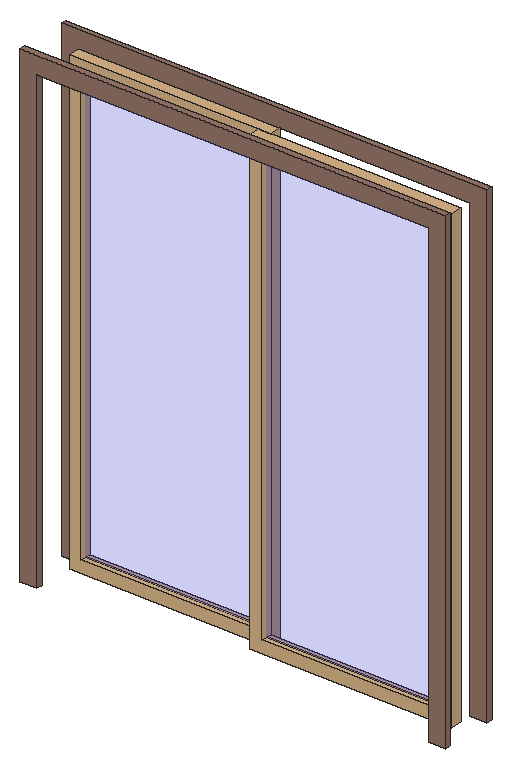
Revit family "be4fd36dbab246ed82a523c5b7beed15", category Doors, host Wall, Revit 2021
Family settings
  Host = Wall
  OmniClass Number = 23.30.10.17.11
  OmniClass Title = Sliding Doors
  Always vertical = Yes
  Cut with Voids When Loaded = No
  Shared = No
  Room Calculation Point = No
Parameters (values of type "68" x 80"")
  Visual Light Transmittance = 0
  Thickness = 0' - 2"
  Thermal Resistance (R) = 1.8150 (h·ft²·°F)/BTU
  Solar Heat Gain Coefficient = 0
  Glazing = Glass
  Define Thermal Properties by = Schematic Type
  Construction Type Id = "opn-d45"
  Heat Transfer Coefficient (U) = 0.5510 BTU/(h·ft²·°F)
  Function = Interior
  Assembly Code = "C1020"
  Panel Material = Wood - Birch - Solid Stained Light Low Gloss
  Trim Material = Paint - Sienna
  Height = 6' - 8"
  Rail Width = 0' - 2"
  Stiles = 0' - 2"
  Trim Projection Ext = 0' - 1"
  Trim Projection Int = 0' - 1"
  Trim Width = 0' - 3"
  Wall Closure = By host
  Width = 5' - 8"
  Analytic Construction = "Wood frame, double glass door "
Reference planes (in)
  plane 1: z = 0
  plane 2 "Center (Left/Right)": x = 0
  plane 3 "Left": x = -34
  plane 4 "Right": x = 34
  plane 5: z = 80
  plane 6: y = 9
  plane 7: y = 1
  plane 8: y = 7
  plane 9: y = 5
  plane 10 "Glass Right": y = 6
  plane 11: y = 6.125
  plane 12: y = 5.875
  plane 13: x = -32
  plane 14: z = 78
  plane 15: x = -1
  plane 16: x = 1
  plane 17: z = 2
  plane 18: x = 32
  plane 19 "Center (Front/Back)": y = 5
  plane 20: z = 40
  plane 21: x = 16
  plane 22 "Glass Left": y = 8
Forms (in)
  Extrusion 1, solid, material "Paint - Sienna" <- "Trim Material", detail levels fine
    sketch origin (-60, 9, 0) x (-1, 0, 0) y (0, 0, 1)
      loop
        line (-94, 0) -> (-94, 80) -> (-26, 80) -> (-26, 0) -> (-23, 0) -> (-23, 83) -> (-97, 83) -> (-97, 0) -> (-94, 0)
    from 0 to 1
  Extrusion 2, solid, material "Paint - Sienna" <- "Trim Material", detail levels fine
    sketch origin (0, 1, 0) x (0, 0, -1) y (-1, 0, 0)
      loop
        line (0, 34) -> (0, 37) -> (-83, 37) -> (-83, -37) -> (0, -37) -> (0, -34) -> (-80, -34) -> (-80, 34) -> (0, 34)
    from 0 to -1
  Extrusion 3, solid, material "Wood - Birch - Solid Stained Light Low Gloss" <- "Panel Material"
    sketch origin (-60, 9, 0) x (-1, 0, 0) y (0, 0, 1)
      loop
        line (-26, 80) -> (-61, 80) -> (-61, 0) -> (-26, 0) -> (-26, 80)
      loop
        line (-28, 78) -> (-59, 78) -> (-59, 2) -> (-28, 2) -> (-28, 78)
    from -2 to 0
  Extrusion 4, solid, material "Glass" <- "Glazing"
    sketch origin (0, 8, 0) x (1, 0, 0) y (0, 0, 1)
      loop
        line (-1, 78) -> (-32, 78) -> (-32, 2) -> (-1, 2) -> (-1, 78)
    from 0.125 to -0.125
  Extrusion 5, solid, material "Wood - Birch - Solid Stained Light Low Gloss" <- "Panel Material"
    sketch origin (-60, 9, 0) x (-1, 0, 0) y (0, 0, 1)
      loop
        line (-94, 80) -> (-94, 0) -> (-59, 0) -> (-59, 80) -> (-94, 80)
      loop
        line (-92, 78) -> (-92, 2) -> (-61, 2) -> (-61, 78) -> (-92, 78)
    from -4 to -2
  Extrusion 6, solid, material "Glass" <- "Glazing"
    sketch origin (-60, 9, 0) x (-1, 0, 0) y (0, 0, 1)
      loop
        line (-92, 78) -> (-92, 2) -> (-61, 2) -> (-61, 78) -> (-92, 78)
    from -3.125 to -2.875
Lines and regions (in)
  Opening 1
    outline origin (-60, 1, 144) x (0, 0, -1) y (1, 0, 0)
      loop
        line (64, 94) -> (64, 26) -> (144, 26) -> (144, 94) -> (64, 94)
  Masking region 1
    outline origin (0, 0, 0) x (1, 0, 0) y (0, 1, 0)
      loop
        line (-34, 9) -> (-34, 7) -> (1, 7) -> (1, 9) -> (-34, 9)
  Masking region 2
    outline origin (0, 0, 0) x (1, 0, 0) y (0, 1, 0)
      loop
        line (-1, 7) -> (-1, 5) -> (34, 5) -> (34, 7) -> (-1, 7)
  symbolic lines, style "DoorsGlassProjection"
    curve 1: line (0, 8, 78) -> (0, 8, 2)
    curve 2: line (0, 6, 78) -> (0, 6, 2)
  model lines, style "DoorsGlassProjection"
    curve 3: line (32, 6, 78) -> (32, 6, 2)
    curve 4: line (1, 6, 78) -> (1, 6, 2)
    curve 5: line (-1, 8, 78) -> (-1, 8, 2)
    curve 6: line (-32, 8, 78) -> (-32, 8, 2)
Text (in)
  text "Exterior" at (-68.33502, 21.89683, 0), in view "Ground floor"
  text "Exterior" at (0, 35.48876, 116.93956), in view "Left"
Dimensions and locks (in)
  equal spacing: plane 3 "Left", plane 2 "Center (Left/Right)", plane 4 "Right"
  "Width": plane 3 "Left" to plane 4 "Right"
  "Height": plane 1 to plane 5
  "Trim Width": plane 5 to Extrusion 1 sketch curve
  "Trim Width": plane 3 "Left" to Extrusion 1 sketch curve
  "Trim Width": plane 4 "Right" to Extrusion 1 sketch curve
  "Trim Projection Int": plane 7 to Extrusion 2
  "Trim Projection Ext": Extrusion 1 to Extrusion 1
  "Trim Width": Extrusion 2 sketch curve to plane 3 "Left"
  "Trim Width": plane 4 "Right" to Extrusion 2 sketch curve
  "Trim Width": Extrusion 2 sketch curve to plane 5
  "Thickness": plane 8 to plane 6
  "Thickness": plane 9 to plane 8
  plane 8 to plane 6 = 0' - 2"
  equal spacing: plane 9, plane 10 "Glass Right", plane 8
  plane 11 to plane 10 "Glass Right" to plane 12 = 0' - 0 1/8" locked, 0' - 0 1/8" locked
  "Rail Width": plane 5 to plane 14
  "Rail Width": plane 17 to plane 1
  "Stiles": plane 13 to plane 3 "Left"
  equal spacing: plane 15, plane 2 "Center (Left/Right)", plane 16
  "Stiles": plane 15 to plane 16
  "Stiles": plane 18 to plane 4 "Right"
  equal spacing: plane 7, plane 19 "Center (Front/Back)", plane 6
  equal spacing: plane 16, plane 2 "Center (Left/Right)", plane 15
  equal spacing: plane 1, plane 20, plane 5
  equal spacing: plane 2 "Center (Left/Right)", nested 1, plane 4 "Right"
  locked: nested 1 to host wall at 1
  equal spacing: plane 2 "Center (Left/Right)", plane 21, plane 18
  aligned and locked: Opening 1 sketch curve to plane 5
  aligned and locked: Opening 1 sketch curve to plane 3 "Left"
  aligned and locked: plane 4 "Right" to Opening 1 sketch curve
  aligned and locked: host wall to plane 6
  aligned and locked: plane 7 to host wall
  aligned and locked: host wall to Extrusion 3
  aligned and locked: plane 8 to Extrusion 3
  aligned and locked: Extrusion 3 to Extrusion 4 sketch curve  (x2)
  aligned and locked: Extrusion 4 sketch curve to Extrusion 3  (x2)
  aligned and locked: plane 5 to Extrusion 5 sketch curve
  aligned and locked: plane 4 "Right" to Extrusion 5 sketch curve
  aligned and locked: plane 1 to Extrusion 5 sketch curve
  aligned and locked: plane 9 to Extrusion 5
  aligned and locked: Extrusion 5 to plane 8
  aligned and locked: Extrusion 5 to Extrusion 6 sketch curve  (x2)
  aligned and locked: Extrusion 6 sketch curve to Extrusion 5
  aligned and locked: Extrusion 3 to Extrusion 6 sketch curve
  aligned and locked: Extrusion 6 to plane 12
  aligned and locked: plane 11 to Extrusion 6
  aligned and locked: plane 15 to Extrusion 3 sketch curve
  aligned and locked: Extrusion 3 sketch curve to plane 16
  aligned and locked: plane 5 to Extrusion 3 sketch curve
  aligned and locked: Extrusion 3 sketch curve to plane 14
  aligned and locked: plane 17 to Extrusion 3 sketch curve
  aligned and locked: plane 1 to Extrusion 3 sketch curve
  aligned and locked: plane 13 to Extrusion 3 sketch curve
  aligned and locked: Extrusion 5 sketch curve to plane 17
  aligned and locked: Extrusion 5 sketch curve to plane 16
  aligned and locked: plane 14 to Extrusion 5 sketch curve
  aligned and locked: plane 15 to Extrusion 5 sketch curve
  aligned and locked: Extrusion 5 sketch curve to plane 18
  aligned and locked: plane 3 "Left" to Extrusion 2 sketch curve
  aligned and locked: Extrusion 2 sketch curve to plane 4 "Right"
  aligned and locked: Extrusion 2 sketch curve to plane 5
  aligned and locked: plane 1 to Extrusion 2 sketch curve  (x2)
  aligned and locked: plane 6 to Masking region 1 sketch curve
  aligned and locked: Masking region 1 sketch curve to plane 8
  aligned and locked: Masking region 1 sketch curve to plane 3 "Left"
  aligned and locked: Masking region 1 sketch curve to plane 16
  aligned and locked: plane 8 to Masking region 2 sketch curve
  aligned and locked: Masking region 2 sketch curve to plane 9
  aligned and locked: Masking region 2 sketch curve to plane 15
  aligned and locked: plane 4 "Right" to Masking region 2 sketch curve
  aligned and locked: plane 15 to Extrusion 5
  aligned and locked: plane 15 to Extrusion 3
  aligned and locked: plane 16 to Extrusion 3
  aligned and locked: plane 16 to Extrusion 5
  aligned and locked: plane 13 to Extrusion 3
  aligned and locked: nested 2 to plane 20
  aligned and locked: nested 2 to plane 21
  aligned and locked: plane 17 to curve 1
  aligned and locked: plane 14 to curve 1
  aligned and locked: plane 14 to curve 2
  aligned and locked: curve 2 to plane 10 "Glass Right"
  aligned and locked: plane 17 to curve 2
  aligned and locked: plane 14 to curve 3
  aligned and locked: plane 17 to curve 3
  aligned and locked: curve 3 to plane 18
  aligned and locked: plane 14 to curve 4
  aligned and locked: plane 16 to curve 4
  aligned and locked: plane 17 to curve 4
  aligned and locked: curve 5 to plane 15
  aligned and locked: plane 17 to curve 5
  aligned and locked: plane 14 to curve 5
  aligned and locked: plane 14 to curve 6
  aligned and locked: plane 13 to curve 6
  aligned and locked: plane 17 to curve 6
Automatic sketch dimensions
  Opening 1 sketch curve to level = 0' - 0"
  Extrusion 1 sketch curve to level = 0' - 0"  (x2)
  Extrusion 1 sketch curve to plane 4 "Right" = 0' - 0"
  Extrusion 1 sketch curve to plane 3 "Left" = 0' - 0"
  Extrusion 1 sketch curve to plane 5 = 0' - 0"
  Extrusion 3 sketch curve to plane 3 "Left" = 0' - 0"
  curve 1 to host wall = 0' - 1"
Nested families (in)
  nested 1: "Arrow" at (17, 4, 0), type "Arrow"
  nested 2: "Arrow" at (16, 0, 40) x (1, 0, 0) z (0, -1, 0), type "Arrow"
Definition of nested family "Arrow"
  Reference planes (in)
    plane 1 "Center (Front/Back)": y = 0
    plane 2: z = 0
    plane 3 "Center (Left/Right)": x = 0
  Lines and regions (in)
    Filled region 1, type "Solid Fill - Black", in view "Ref. Level"
      outline origin (0, 0, 0) x (1, 0, 0) y (0, 1, 0)
        loop
          line (-6, 0) -> (-2.98665, -0.53133) -> (-2.98665, 0.53133) -> (-6, 0)
    detail lines, in view "Ref. Level"
      curve 1: line (6, 0, 0) -> (-6, 0, 0)
